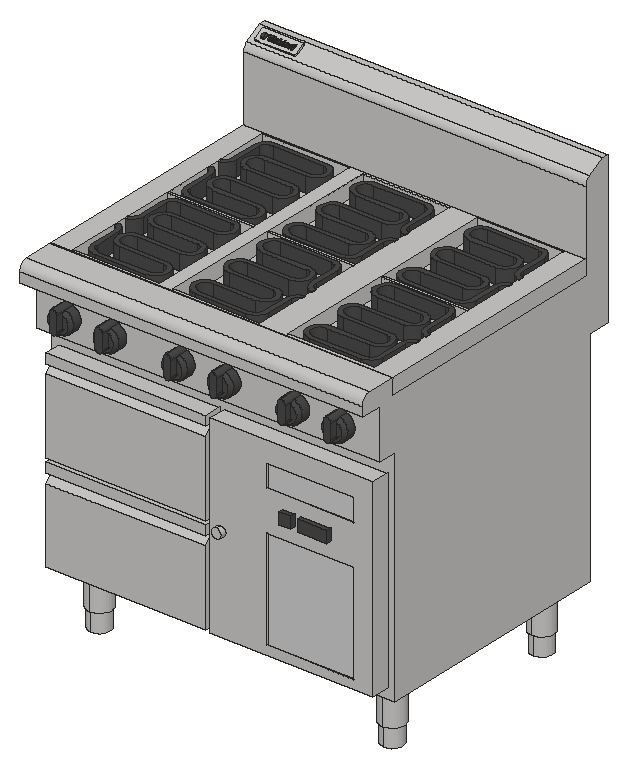
Revit family "QF_MOFFAT WALDORF_RN8600E-RB", category Specialty Equipment, Revit 2012 (continued)
Automatic sketch dimensions
  Split face 5 sketch curve to Split face 5 sketch curve = 20.0 mm
  Extrusion 1 to Split face 6 sketch curve = 5.177 mm
  Split face 6 sketch curve to Extrusion 1 = 9.153 mm
  Split face 6 sketch curve to Extrusion 1 = 404.563 mm
  Split face 6 sketch curve to Split face 6 sketch curve = 20.0 mm
  Extrusion 1 to Split face 7 sketch curve = 5.177 mm
  Split face 7 sketch curve to Extrusion 1 = 9.153 mm
  Split face 7 sketch curve to Extrusion 1 = 445.437 mm
  Split face 7 sketch curve to Split face 7 sketch curve = 20.0 mm
  Extrusion 1 to Split face 8 sketch curve = 5.177 mm
  Split face 8 sketch curve to Extrusion 1 = 9.153 mm
  Split face 8 sketch curve to Extrusion 1 = 395.437 mm
  Split face 8 sketch curve to Split face 8 sketch curve = 20.0 mm
  Extrusion 1 to Split face 9 sketch curve = 5.177 mm
  Split face 9 sketch curve to Extrusion 1 = 9.153 mm
  Split face 9 sketch curve to Extrusion 1 = 345.437 mm
  Split face 9 sketch curve to Split face 9 sketch curve = 20.0 mm
  Extrusion 1 to Split face 10 sketch curve = 5.177 mm
  Split face 10 sketch curve to Extrusion 1 = 9.153 mm
  Split face 10 sketch curve to Extrusion 1 = 295.437 mm
  Split face 10 sketch curve to Split face 10 sketch curve = 20.0 mm
  Extrusion 1 to Split face 11 sketch curve = 5.177 mm
  Split face 11 sketch curve to Extrusion 1 = 9.153 mm
  Split face 11 sketch curve to Extrusion 1 = 245.437 mm
  Split face 11 sketch curve to Split face 11 sketch curve = 20.0 mm
  Extrusion 1 to Split face 12 sketch curve = 5.177 mm
  Split face 12 sketch curve to Extrusion 1 = 9.153 mm
  Split face 12 sketch curve to Extrusion 1 = 195.437 mm
  Split face 12 sketch curve to Split face 12 sketch curve = 20.0 mm
  Extrusion 14 sketch curve to Extrusion 1 = 0.0 mm  (x2)
  Extrusion 1 to Extrusion 14 sketch curve = 0.0 mm
  Extrusion 14 sketch curve to Extrusion 1 = 6.75 mm  (x3)
  Extrusion 14 sketch curve to Extrusion 14 sketch curve = 306.95 mm
  Extrusion 1 to Extrusion 14 sketch curve = 54.0 mm  (x2)
  Extrusion 14 sketch curve to Extrusion 14 sketch curve = 0.0 mm  (x6)
  Extrusion 14 sketch curve to Extrusion 14 sketch curve = 7.6 mm  (x3)
  Extrusion 1 to Extrusion 14 sketch curve = 6.75 mm  (x3)
  Extrusion 1 to Extrusion 14 sketch curve = 1.0 mm
  Extrusion 14 sketch curve to Extrusion 14 sketch curve = 228.75 mm  (x3)
  Extrusion 14 sketch curve to Extrusion 14 sketch curve = 34.5 mm
  Extrusion 14 sketch curve to Extrusion 14 sketch curve = 71.25 mm  (x2)
  Extrusion 15 sketch curve to Extrusion 15 sketch curve = 0.0 mm  (x104)
  Extrusion 1 to Extrusion 15 sketch curve = 20.503 mm  (x3)
  Extrusion 15 sketch curve to Extrusion 15 sketch curve = 11.997 mm  (x6)
  Extrusion 15 sketch curve to Extrusion 15 sketch curve = 19.532 mm  (x6)
  Extrusion 15 sketch curve to Extrusion 15 sketch curve = 0.24 mm  (x6)
  Extrusion 15 sketch curve to Extrusion 15 sketch curve = 0.931 mm  (x10)
  Extrusion 15 sketch curve to Extrusion 15 sketch curve = 0.01 mm  (x6)
  Extrusion 15 sketch curve to Extrusion 15 sketch curve = 21.7 mm  (x30)
  Extrusion 15 sketch curve to Extrusion 15 sketch curve = 0.002 mm  (x6)
  Extrusion 15 sketch curve to Extrusion 15 sketch curve = 70.811 mm  (x6)
  Extrusion 15 sketch curve to Extrusion 15 sketch curve = 0.447 mm  (x6)
  Extrusion 15 sketch curve to Extrusion 15 sketch curve = 0.12 mm  (x6)
  Extrusion 15 sketch curve to Extrusion 15 sketch curve = 19.01 mm  (x6)
  Extrusion 15 sketch curve to Extrusion 15 sketch curve = 12.303 mm  (x6)
  Extrusion 15 sketch curve to Extrusion 15 sketch curve = 21.593 mm  (x6)
  Extrusion 15 sketch curve to Extrusion 15 sketch curve = 12.315 mm  (x6)
  Extrusion 15 sketch curve to Extrusion 15 sketch curve = 18.52 mm  (x6)
  Extrusion 15 sketch curve to Extrusion 15 sketch curve = 0.133 mm  (x6)
  Extrusion 15 sketch curve to Extrusion 15 sketch curve = 0.5 mm  (x2)
  Extrusion 15 sketch curve to Extrusion 15 sketch curve = 19.152 mm  (x4)
  Extrusion 15 sketch curve to Extrusion 15 sketch curve = 20.704 mm  (x8)
  Extrusion 15 sketch curve to Extrusion 15 sketch curve = 0.239 mm  (x6)
  Extrusion 15 sketch curve to Extrusion 15 sketch curve = 16.003 mm  (x3)
  Extrusion 1 to Extrusion 15 sketch curve = 48.333 mm  (x2)
  Extrusion 1 to Extrusion 15 sketch curve = 48.512 mm  (x2)
  Extrusion 15 sketch curve to Extrusion 15 sketch curve = 0.004 mm  (x2)
  Extrusion 15 sketch curve to Extrusion 15 sketch curve = 5.484 mm  (x2)
  Extrusion 15 sketch curve to Extrusion 15 sketch curve = 5.667 mm  (x2)
  Extrusion 15 sketch curve to Extrusion 15 sketch curve = 20.701 mm  (x4)
  Extrusion 15 sketch curve to Extrusion 15 sketch curve = 0.001 mm  (x6)
  Extrusion 15 sketch curve to Extrusion 15 sketch curve = 41.7 mm  (x2)
  Extrusion 15 sketch curve to Extrusion 15 sketch curve = 20.999 mm
  Extrusion 15 sketch curve to Extrusion 15 sketch curve = 112.6 mm  (x5)
  Extrusion 15 sketch curve to Extrusion 15 sketch curve = 130.8 mm  (x2)
  Extrusion 15 sketch curve to Extrusion 15 sketch curve = 19.862 mm  (x4)
  Extrusion 15 sketch curve to Extrusion 15 sketch curve = 0.032 mm  (x2)
  Extrusion 15 sketch curve to Extrusion 15 sketch curve = 19.894 mm  (x2)
  Extrusion 15 sketch curve to Extrusion 15 sketch curve = 0.226 mm  (x4)
  Extrusion 15 sketch curve to Extrusion 15 sketch curve = 0.258 mm  (x4)
  Extrusion 15 sketch curve to Extrusion 15 sketch curve = 0.879 mm  (x8)
  Extrusion 15 sketch curve to Extrusion 15 sketch curve = 14.293 mm
  Extrusion 15 sketch curve to Extrusion 15 sketch curve = 133.7 mm
  Extrusion 15 sketch curve to Extrusion 15 sketch curve = 133.693 mm  (x2)
  Revolve 16 sketch curve to plane 9 "Base Height" = 0.0 mm
  Revolve 16 sketch curve to level = 0.0 mm
  level to Revolve 16 sketch curve = 50.0 mm
  plane 1 "BACK" to Revolve 16 sketch curve = 166.75 mm
  Revolve 16 sketch curve to Revolve 16 sketch curve = 4.25 mm
  Revolve 16 sketch curve to Revolve 16 sketch curve = 27.5 mm  (x2)
  Revolve 16 sketch curve to Revolve 16 sketch curve = 55.0 mm
  Revolve 16 sketch curve to Revolve 16 sketch curve = 0.0 mm
  Revolve 17 sketch curve to plane 9 "Base Height" = 0.0 mm
  Revolve 17 sketch curve to level = 0.0 mm
  level to Revolve 17 sketch curve = 50.0 mm
  Revolve 17 sketch curve to plane 5 "FRONT" = 148.25 mm
  Revolve 17 sketch curve to Revolve 17 sketch curve = 4.25 mm
  Revolve 17 sketch curve to Revolve 17 sketch curve = 27.5 mm  (x2)
  Revolve 17 sketch curve to Revolve 17 sketch curve = 55.0 mm
  Revolve 17 sketch curve to Revolve 17 sketch curve = 0.0 mm
  Revolve 18 sketch curve to plane 9 "Base Height" = 0.0 mm
  Revolve 18 sketch curve to level = 0.0 mm
  level to Revolve 18 sketch curve = 50.0 mm
  plane 1 "BACK" to Revolve 18 sketch curve = 166.75 mm
  Revolve 18 sketch curve to Revolve 18 sketch curve = 4.25 mm
  Revolve 18 sketch curve to Revolve 18 sketch curve = 27.5 mm  (x2)
  Revolve 18 sketch curve to Revolve 18 sketch curve = 0.0 mm
  Revolve 18 sketch curve to Revolve 18 sketch curve = 55.0 mm
  Revolve 19 sketch curve to plane 9 "Base Height" = 0.0 mm
  Revolve 19 sketch curve to level = 0.0 mm
  level to Revolve 19 sketch curve = 50.0 mm
  Revolve 19 sketch curve to plane 5 "FRONT" = 148.25 mm
  Revolve 19 sketch curve to Revolve 19 sketch curve = 4.25 mm
  Revolve 19 sketch curve to Revolve 19 sketch curve = 27.5 mm  (x2)
  Revolve 19 sketch curve to Revolve 19 sketch curve = 0.0 mm
  Revolve 19 sketch curve to Revolve 19 sketch curve = 55.0 mm
  Extrusion 22 sketch curve to Extrusion 21 = 34.46 mm  (x2)
  Extrusion 22 sketch curve to Extrusion 22 sketch curve = 30.0 mm  (x2)
  Extrusion 22 sketch curve to Extrusion 22 sketch curve = 0.0 mm
  Extrusion 21 to Extrusion 22 sketch curve = 43.926 mm
  Extrusion 22 sketch curve to Extrusion 22 sketch curve = 17.577 mm
  Extrusion 21 to Extrusion 22 sketch curve = 60.185 mm
  Extrusion 21 to Extrusion 23 sketch curve = 39.229 mm
  Extrusion 23 sketch curve to Extrusion 21 = 27.856 mm
  Extrusion 24 sketch curve to Extrusion 21 = 0.0 mm  (x6)
  Extrusion 21 to Extrusion 24 sketch curve = 0.0 mm  (x2)
  Extrusion 1 to Extrusion 21 sketch curve = 54.5 mm
  Extrusion 1 to Extrusion 21 sketch curve = 107.0 mm
  Extrusion 21 sketch curve to Extrusion 21 sketch curve = 60.0 mm
  Extrusion 21 sketch curve to Extrusion 21 sketch curve = 104.0 mm
  Extrusion 1 to Extrusion 21 sketch curve = 49.0 mm
  Extrusion 1 to Extrusion 21 sketch curve = 26.5 mm
  Extrusion 1 to Extrusion 21 sketch curve = 447.0 mm
  Extrusion 21 sketch curve to Extrusion 21 sketch curve = 148.0 mm
  Extrusion 21 sketch curve to Extrusion 21 sketch curve = 0.0 mm
  Extrusion 1 to Extrusion 21 sketch curve = 69.0 mm  (x2)
  Extrusion 1 to Extrusion 21 sketch curve = 19.0 mm
  Extrusion 1 sketch curve to plane 5 "FRONT" = 0.0 mm
  Extrusion 1 sketch curve to plane 10 = 0.0 mm
  Extrusion 1 sketch curve to plane 9 "Base Height" = 0.0 mm
  Extrusion 1 sketch curve to plane 6 "TOP" = 0.0 mm
  plane 1 "BACK" to Extrusion 1 sketch curve = 59.0 mm
  Extrusion 1 sketch curve to plane 5 "FRONT" = 24.0 mm
  Extrusion 1 sketch curve to plane 5 "FRONT" = 56.0 mm
  Extrusion 1 sketch curve to Extrusion 1 sketch curve = 44.0 mm
  Extrusion 1 sketch curve to Extrusion 1 sketch curve = 50.0 mm
  Extrusion 1 sketch curve to Extrusion 1 sketch curve = 11.0 mm
  Extrusion 1 sketch curve to Extrusion 1 sketch curve = 11.291 mm
  Extrusion 1 sketch curve to Extrusion 1 sketch curve = 22.582 mm
  Extrusion 1 sketch curve to Extrusion 1 sketch curve = 16.5 mm
  Extrusion 1 sketch curve to plane 1 "BACK" = 0.0 mm
  Extrusion 1 sketch curve to Extrusion 1 sketch curve = 156.0 mm
  Extrusion 1 sketch curve to Extrusion 1 sketch curve = 25.0 mm
  Extrusion 1 sketch curve to plane 10 = 40.0 mm
  Extrusion 1 sketch curve to plane 6 "TOP" = 43.926 mm
  Extrusion 1 sketch curve to Extrusion 1 sketch curve = 131.0 mm
  Extrusion 20 sketch curve to Extrusion 1 = 20.313 mm
  Extrusion 20 sketch curve to Extrusion 1 = 143.724 mm
  radius of Extrusion 23 sketch curve = 12.395 mm
  radius of Extrusion 20 sketch curve = 10.0 mm
Nested families
  nested 1: "RN8600E-RB-CASTERS" at (65, -135, 0), Show Casters <- "Show Casters", visible <- "Show Casters", type "RN8600E-RB-CASTERS"
    with Type Mark "", Status "", Specification by User "", Show Casters no, Revision Code "", Item Number "", Installed By "", Identify Quantity as Lot yes, Furnished By "", Foodservice Equipment Identifier yes
  nested 2: "RN8600E-RB-CASTERS" at (835, -135, 0), Show Casters <- "Show Casters", visible <- "Show Casters", type "RN8600E-RB-CASTERS"
    with Type Mark "", Status "", Specification by User "", Show Casters no, Revision Code "", Item Number "", Installed By "", Identify Quantity as Lot yes, Furnished By "", Foodservice Equipment Identifier yes
  nested 3: "RN8600E-RB-DOOR AND DRAWER" at (19, -699, 176.5), Show Door <- "Show Door", Show Drawer <- "Drawer", Drawer Clearance <- "Drawer Clearance", Door Clearance <- "Door Clearance", type "RN8600E-RB-DOOR AND DRAWER"
    with Type Mark "", Status "", Specification by User "", Show Drawer yes, Show Door no, Revision Code "", Item Number "", Installed By "", Identify Quantity as Lot yes, Furnished By "", Foodservice Equipment Identifier yes, Drawer Clearance yes, Door Clearance no
  nested 4: "WALDORF LOGO_FACE BASE" at (12.521, -22.281, 1126.662) x (1, 0, 0) z (0, -0.5, 0.866), visible <- "Show Logo", type "WALDORF LOGO_FACE BASE", detail levels medium+fine
    with Show Logo yes
Connectors
  electrical at (756.276, -38.687, 710), driven by "Volts", driven by "Watts"
    settings: on Extrusion 20, index 1, voltage 415 V, apparent load 14400 VA, apparent load phase1 0 VA, apparent load phase2 0 VA, apparent load phase3 0 VA, power factor 1, load classification "Other", number of poles 1, system type 30, power factor state 1, is connector primary yes, connector utility no, sub classification motor no, connector description "ELECTRICAL CONNECTION"
Definition of nested family "RN8600E-RB-DOOR AND DRAWER"
  Parameters (values of type "GP8900G-RB-DOOR AND DRAWER")
    Weight in Pounds = 0
    URL Cutsheet = ""
    URL = ""
    Type Mark [instance] = ""
    Status [instance] = ""
    Specification by User [instance] = ""
    Specification by Manufacturer = ""
    Show Door [instance] = yes
    Serial Number = ""
    Seismic Rating = ""
    SMACNA No = ""
    Revision Code [instance] = ""
    Omniclass Number and Title = ""
    NAFEM Spec ID Number = ""
    Model = ""
    Masterspec = ""
    Manufacturer = ""
    Item Number [instance] = ""
    Installed By [instance] = ""
    Identify Quantity as Lot [instance] = yes
    Furnished By [instance] = ""
    Foodservice Equipment Identifier [instance] = yes
    Show Drawer [instance] = yes
    Drawer Clearance [instance] = yes
    Door Clearance [instance] = yes
    Description = ""
    CSI MasterFormat = ""
    CSI Master Format = ""
  Reference planes
    plane 1 "BACK": y = 0
    plane 2: z = 0
    plane 3 "LEFT": x = 0
    plane 4 "RIGHT": x = 420
    plane 5 "FRONT": y = -464.82
    plane 6 "TOP": z = 504
    plane 7 "Center Y": x = 210
    plane 8 "Center X": y = -232.41
    plane 9: x = 420
  Forms (mm)
    Extrusion 1, solid, material "QF_Finishes_Stainless Steel", visible <- "Show Drawer"
      sketch origin (-19, 702.18, -174) x (0, 1, 0) y (0, 0, 1)
        loop
          line (-747, 678) -> (-747, 653) -> (-722, 653) -> (-747, 628) -> (-747, 431) -> (-702.18, 431) -> (-702.18, 678) -> (-747, 678)
        loop
          line (-747, 421) -> (-747, 396) -> (-722, 396) -> (-747, 371) -> (-747, 174) -> (-702.18, 174) -> (-702.18, 421) -> (-747, 421)
      from 19 to 439
    Extrusion 2, solid, material "QF_Door-Drawer Clearances", visible <- "Drawer Clearance", detail levels coarse
      sketch origin (-19, -44.82, 257) x (0, 0, 1) y (-1, 0, 0)
        loop
          line (-257, -19) -> (-257, -439) -> (-10, -439) -> (-10, -19) -> (-257, -19)
        loop
          line (0, -19) -> (0, -439) -> (247, -439) -> (247, -19) -> (0, -19)
      from 0 to 304.8
    Extrusion 3, solid, material "QF_Finishes_Stainless Steel", visible <- "Show Door"
      sketch origin (-19, 702.18, -174) x (0, 1, 0) y (0, 0, 1)
        loop
          line (-748.15, 675.55) -> (-748.15, 658) -> (-723.95, 658) -> (-723.95, 648.15)
          arc (-723.95, 648.15) -> (-740.921, 641.121) -> (-747.95, 624.15) r 24
          line (-747.95, 624.15) -> (-747.95, 198)
          arc (-747.95, 198) -> (-740.921, 181.029) -> (-723.95, 174) r 24
          line (-723.95, 174) -> (-705.2, 174) -> (-705.2, 678) -> (-745.7, 678)
          arc (-745.7, 678) -> (-747.432, 677.282) -> (-748.15, 675.55) r 2.45
      from 19 to 439
    Extrusion 4, solid, material "QF_Door-Drawer Clearances", visible <- "Door Clearance", detail levels coarse
      sketch origin (-19, -8.47, 0) x (-1, 0, 0) y (0, 1, 0)
        loop
          line (-19, -36.35) -> (-439, -36.35)
          arc (-439, -36.35) -> (-315.985, -333.335) -> (-19, -456.35) r 420
          line (-19, -456.35) -> (-19, -36.35)
      from 0 to -504
  Lines and regions (mm)
    symbolic lines, style "QF_Door-Drawer Clearances", visible <- "Drawer Clearance"
      curve 1: line (0, -102.82, 150) -> (0, -349.62, 150)
      curve 2: line (420, -349.62, 150) -> (420, -104.62, 150)
      curve 5: line (0, -349.62, 0) -> (420, -349.62, 0)
    symbolic lines, style "QF_Door-Drawer Clearances", visible <- "Door Clearance"
      curve 3: line (58, -102.82, 150) -> (296.985, -341.805, 150)
      curve 4: arc (416.229, -100.977, 150) -> (376.388, -231.185, 150) -> (296.985, -341.805, 150) r 420
  Dimensions and locks
    equal spacing: plane 3 "LEFT", plane 7 "Center Y", plane 4 "RIGHT"
    plane 3 "LEFT" to plane 4 "RIGHT" = 420.0 mm
    equal spacing: plane 5 "FRONT", plane 8 "Center X", plane 1 "BACK"
    plane 5 "FRONT" to plane 1 "BACK" = 464.82 mm
    plane 6 "TOP" to level = 504.0 mm
    aligned and locked: level to plane 2
  Automatic sketch dimensions
    curve 4 to plane 3 "LEFT" = 0.0 mm
    curve 1 to plane 3 "LEFT" = 0.0 mm
    plane 4 "RIGHT" to curve 4 = 3.771 mm
    plane 7 "Center Y" to curve 3 = 86.985 mm
    curve 3 to curve 1 = 58.0 mm
    plane 1 "BACK" to curve 4 = 44.82 mm
    plane 1 "BACK" to curve 4 = 100.977 mm
    curve 4 to curve 3 = 58.0 mm
    curve 1 to curve 3 = 0.0 mm
    curve 4 to curve 2 = 3.643 mm
    Extrusion 1 sketch curve to level = 0.0 mm
    Extrusion 1 sketch curve to plane 1 "BACK" = 0.0 mm  (x2)
    plane 1 "BACK" to Extrusion 1 sketch curve = 19.82 mm  (x2)
    Extrusion 1 sketch curve to Extrusion 1 sketch curve = 25.0 mm  (x6)
    Extrusion 1 sketch curve to Extrusion 1 sketch curve = 0.0 mm
    Extrusion 1 sketch curve to Extrusion 1 sketch curve = 44.82 mm
    level to Extrusion 1 sketch curve = 197.0 mm
    Extrusion 1 sketch curve to Extrusion 1 sketch curve = 10.0 mm
    Extrusion 1 sketch curve to Extrusion 1 sketch curve = 197.0 mm
    Extrusion 1 to Extrusion 2 sketch curve = 0.0 mm  (x4)
    Extrusion 2 sketch curve to Extrusion 1 = 0.0 mm
    Extrusion 1 to Extrusion 2 sketch curve = 222.0 mm
    Extrusion 2 sketch curve to Extrusion 2 sketch curve = 10.0 mm
    Extrusion 2 sketch curve to Extrusion 2 sketch curve = 247.0 mm
    Extrusion 3 sketch curve to level = 0.0 mm
    plane 1 "BACK" to Extrusion 3 sketch curve = 45.97 mm
    Extrusion 3 sketch curve to Extrusion 3 sketch curve = 0.2 mm
    Extrusion 3 sketch curve to Extrusion 3 sketch curve = 2.45 mm
    plane 1 "BACK" to Extrusion 3 sketch curve = 21.77 mm  (x2)
    plane 1 "BACK" to Extrusion 3 sketch curve = 3.02 mm
    Extrusion 3 sketch curve to Extrusion 3 sketch curve = 426.15 mm
    Extrusion 3 sketch curve to Extrusion 3 sketch curve = 9.85 mm
    Extrusion 3 sketch curve to Extrusion 3 sketch curve = 17.55 mm
    Extrusion 4 sketch curve to Extrusion 3 = 0.0 mm  (x2)
    Extrusion 3 to Extrusion 4 sketch curve = 23.05 mm
    curve 2 to plane 4 "RIGHT" = 0.0 mm
    curve 1 to plane 5 "FRONT" = 115.2 mm
    curve 2 to plane 5 "FRONT" = 115.2 mm
Definition of nested family "WALDORF LOGO_FACE BASE"
  Parameters (values of type "WALDORF LOGO_FACE BASE")
    Show Logo [instance] = yes
    Default Elevation = 1219.2 mm
  Reference planes
    plane 1 "Center (Front/Back)": y = 0
    plane 2: z = 0
    plane 3 "Center (Left/Right)": x = 0
  Forms (mm)
    Extrusion 1, solid
      sketch origin (0, 0, 0) x (1, 0, 0) y (0, 1, 0)
        loop
          line (-1219.2, 1219.2) -> (-1219.2, -1219.2) -> (1219.2, -1219.2) -> (1219.2, 1219.2) -> (-1219.2, 1219.2)
      from 0 to -304.8
    Extrusion 2, solid, material "QF_Finishes_Stainless Steel", visible <- "Show Logo"
      sketch origin (0, -33.217, 0) x (1, 0, 0) y (0, 1, 0)
        loop
          arc (5, 34.14) -> (1.464, 32.676) -> (0, 29.14) r 5
          line (0, 29.14) -> (0, 5)
          arc (0, 5) -> (1.464, 1.464) -> (5, 0) r 5
          line (5, 0) -> (104, 0)
          arc (104, 0) -> (107.536, 1.464) -> (109, 5) r 5
          line (109, 5) -> (109, 29.14)
          arc (109, 29.14) -> (107.536, 32.676) -> (104, 34.14) r 5
          line (104, 34.14) -> (5, 34.14)
      from 0 to 1.588
    Extrusion 3, solid, material "QF_Finishes_Black", visible <- "Show Logo"
      sketch origin (0, -33.217, 1.588) x (1, 0, 0) y (0, 1, 0)
        loop
          line (24.772, 23.214) -> (27.992, 10.301) -> (31.551, 10.301) -> (33.443, 17.364) -> (35.205, 10.301) -> (39.332, 10.301) -> (42.077, 23.214) -> (38.352, 23.214) -> (36.676, 15.33) -> (35, 23.214) -> (31.752, 23.214) -> (30.076, 15.33) -> (28.4, 23.214) -> (24.772, 23.214)
        loop
          line (42.272, 17.055) -> (45.703, 17.055)
          spline (45.703, 17.055) -> (45.741, 17.285) -> (45.852, 17.499) -> (46.028, 17.682) -> (46.258, 17.823) -> (46.526, 17.912) -> (46.813, 17.942) -> (47.1, 17.912) -> (47.368, 17.823) -> (47.597, 17.682) -> (47.774, 17.499) -> (47.884, 17.285) -> (47.922, 17.055)
          line (47.922, 17.055) -> (47.922, 16.222)
          arc (47.922, 16.222) -> (45.742, 16.014) -> (43.665, 15.317) r 9.604
          arc (43.665, 15.317) -> (41.924, 12.809) -> (43.665, 10.301) r 2.677
          arc (43.665, 10.301) -> (45.527, 10.353) -> (47.332, 10.816) r 8.365
          line (47.332, 10.816) -> (48.092, 11.105) -> (48.092, 10.301) -> (51.817, 10.301) -> (51.817, 17.055)
          spline (51.817, 17.055) -> (51.654, 17.821) -> (51.178, 18.535) -> (50.419, 19.148) -> (49.431, 19.619) -> (48.28, 19.914) -> (47.044, 20.015) -> (45.809, 19.914) -> (44.658, 19.619) -> (43.67, 19.148) -> (42.911, 18.535) -> (42.434, 17.821) -> (42.272, 17.055)
        loop
          line (53.151, 23.214) -> (53.151, 10.301) -> (57.37, 10.301) -> (57.37, 23.214) -> (53.151, 23.214)
        loop
          line (64.874, 23.214) -> (64.874, 18.857)
          arc (64.874, 18.857) -> (58.083, 15.11) -> (64.874, 11.363) r 4.429
          line (64.874, 11.363) -> (64.874, 10.301) -> (68.378, 10.301) -> (68.378, 23.214) -> (64.874, 23.214)
        loop
          arc (64.874, 16.083) -> (61.41, 14.987) -> (64.874, 13.891) r 1.905
          line (64.874, 13.891) -> (64.874, 16.083)
        loop
          circle (74.623, 15.223) r 5
        loop
          spline (74.623, 17.856) -> (74.355, 17.766) -> (74.105, 17.503) -> (73.891, 17.084) -> (73.726, 16.539) -> (73.623, 15.904) -> (73.588, 15.223) -> (73.623, 14.541) -> (73.726, 13.906) -> (73.891, 13.361) -> (74.105, 12.942) -> (74.355, 12.679) -> (74.623, 12.59)
          spline (74.623, 12.59) -> (74.891, 12.679) -> (75.141, 12.942) -> (75.355, 13.361) -> (75.52, 13.906) -> (75.623, 14.541) -> (75.659, 15.223) -> (75.623, 15.904) -> (75.52, 16.539) -> (75.355, 17.084) -> (75.141, 17.503) -> (74.891, 17.766) -> (74.623, 17.856)
        loop
          line (81.255, 19.813) -> (81.255, 10.301) -> (84.834, 10.301) -> (84.834, 14.176)
          arc (84.834, 14.176) -> (85.854, 16.093) -> (88.013, 16.32) r 2.313
          line (88.013, 16.32) -> (88.013, 19.813) -> (87.161, 19.813)
          arc (87.161, 19.813) -> (85.526, 19.266) -> (84.549, 17.844) r 2.717
          line (84.549, 17.844) -> (84.549, 19.813) -> (81.255, 19.813)
        loop
          line (90.249, 19.813) -> (88.91, 19.813) -> (88.91, 17.614) -> (90.249, 17.614) -> (90.249, 10.301) -> (93.998, 10.301) -> (93.998, 17.614) -> (95.418, 17.614) -> (95.418, 19.813) -> (93.998, 19.813)
          arc (93.998, 19.813) -> (94.414, 20.817) -> (95.418, 21.233) r 1.42
          line (95.418, 21.233) -> (95.418, 23.602) -> (93.317, 23.602)
          arc (93.317, 23.602) -> (91.343, 22.903) -> (90.249, 21.118) r 3.137
          line (90.249, 21.118) -> (90.249, 19.813)
        loop
          arc (15.241, 23.571) -> (8.392, 16.525) -> (15.241, 9.479) r 7.049
          line (15.241, 9.479) -> (15.241, 23.571)
        loop
          line (15.641, 23.571) -> (15.641, 9.479)
          arc (15.641, 9.479) -> (22.49, 16.525) -> (15.641, 23.571) r 7.049
        loop
          arc (47.922, 14.711) -> (46.266, 13.749) -> (47.922, 12.787) r 1.107
          line (47.922, 12.787) -> (47.922, 14.711)
      from 0 to 0.2
  Dimensions and locks
    aligned and locked: plane 2 to Extrusion 1
    aligned and locked: level to Extrusion 1
Definition of nested family "RN8600E-RB-CASTERS"
  Parameters (values of type "BTL8450-CB-CASTERS")
    Weight = ""
    URL Manufacturer = ""
    URL Cutsheet = ""
    URL = ""
    Type Mark [instance] = ""
    Status [instance] = ""
    Specification by User [instance] = ""
    Specification by Manufacturer = ""
    Show Casters [instance] = no
    Serial Number = ""
    Seismic Rating = ""
    SMACNA No = ""
    Revision Code [instance] = ""
    Omniclass Number and Title = ""
    NAFEM Spec ID Number = ""
    Model = ""
    MasterSpec. = ""
    Manufacturer = ""
    Item Number [instance] = ""
    Installed By [instance] = ""
    Identify Quantity as Lot [instance] = yes
    Furnished By [instance] = ""
    Foodservice Equipment Identifier [instance] = yes
    Description = ""
    CSI MasterFormat = ""
    CSI Master Format = ""
    Assembly Code = ""
  Reference planes
    plane 1: z = 0
    plane 2 "RIGHT": x = 0
    plane 3 "FRONT": y = 0
    plane 4 "TOP": z = 177.8
  Forms (mm)
    Revolve 1, solid, material "QF_Finishes_Stainless Steel", visible <- "Show Casters"
      sketch origin (0, 56.335, 0) x (0, 1, 0) y (0, 0, 1)
        loop
          line (-56.335, 152.4) -> (-56.335, 141.118) -> (-23.798, 141.118) -> (-23.798, 152.4) -> (-56.335, 152.4)
        axis (-56.335, 141.118) -> (-56.335, 152.4)
      angle from 0 to 360
    Extrusion 2, solid, material "QF_Finishes_Stainless Steel", visible <- "Show Casters"
      sketch origin (-46.049, 56.335, 0) x (0, 1, 0) y (0, 0, 1)
        loop
          line (-85.799, 141.118) -> (-85.799, 133.498) -> (-82.136, 133.498)
          arc (-82.136, 133.498) -> (-79.344, 132.328) -> (-77.146, 130.248) r 8.432
          line (-77.146, 130.248) -> (-39.502, 49.52)
          arc (-39.502, 49.52) -> (-13.784, 46.107) -> (-5.673, 70.75) r 20.32
          arc (-5.673, 70.75) -> (-7.065, 73.611) -> (-8.887, 76.22) r 20.32
          arc (-8.887, 76.22) -> (-9.399, 85.377) -> (-6.626, 94.119) r 25.4
          line (-6.626, 94.119) -> (8.003, 121.632)
          arc (8.003, 121.632) -> (-2.347, 126.31) -> (-13.34, 129.167) r 66.802
          line (-13.34, 129.167) -> (-13.765, 133.498) -> (-26.871, 133.498) -> (-26.871, 141.118) -> (-85.799, 141.118)
      from 20.058 to 22.923
    Extrusion 3, solid, material "QF_Finishes_Stainless Steel", visible <- "Show Casters"
      sketch origin (3.326, 56.335, 0) x (0, 1, 0) y (0, 0, 1)
        loop
          line (-85.799, 141.118) -> (-85.799, 133.498) -> (-82.136, 133.498)
          arc (-82.136, 133.498) -> (-79.344, 132.328) -> (-77.146, 130.248) r 8.432
          line (-77.146, 130.248) -> (-39.502, 49.52)
          arc (-39.502, 49.52) -> (-13.784, 46.107) -> (-5.673, 70.75) r 20.32
          arc (-5.673, 70.75) -> (-7.065, 73.611) -> (-8.887, 76.22) r 20.32
          arc (-8.887, 76.22) -> (-9.399, 85.377) -> (-6.626, 94.119) r 25.4
          line (-6.626, 94.119) -> (8.003, 121.632)
          arc (8.003, 121.632) -> (-2.347, 126.31) -> (-13.34, 129.167) r 66.802
          line (-13.34, 129.167) -> (-13.765, 133.498) -> (-26.871, 133.498) -> (-26.871, 141.118) -> (-85.799, 141.118)
      from 20.058 to 22.923
    Extrusion 4, solid, material "QF_Finishes_Stainless Steel", visible <- "Show Casters"
      sketch origin (-49.224, 56.335, 0) x (0, 1, 0) y (0, 0, 1)
        loop
          line (-85.799, 141.118) -> (-85.799, 133.498) -> (-82.136, 133.498) -> (-18.877, 127.964) -> (7.14, 120.01) -> (8.003, 121.632)
          arc (8.003, 121.632) -> (-2.347, 126.31) -> (-13.34, 129.167) r 66.802
          line (-13.34, 129.167) -> (-13.765, 133.498) -> (-26.871, 133.498) -> (-26.871, 141.118) -> (-85.799, 141.118)
      from 26.098 to 72.56
    Revolve 5, solid, material "QF_Finishes_Stainless Steel", visible <- "Show Casters"
      sketch origin (-49.224, 30.821, 0) x (1, 0, 0) y (0, 0, 1)
        loop
          line (14.841, 63.604) -> (83.584, 63.604) -> (83.584, 67.109) -> (82.314, 68.379) -> (80.79, 68.379) -> (80.79, 71.826) -> (68.644, 71.826) -> (68.644, 81.79) -> (65.088, 83.843) -> (61.683, 104.879) -> (65.881, 104.879) -> (65.881, 111.229) -> (65.088, 111.229) -> (65.088, 117.579)
          arc (65.088, 117.579) -> (62.298, 124.314) -> (55.563, 127.104) r 9.525
          line (55.563, 127.104) -> (42.863, 127.104)
          arc (42.863, 127.104) -> (36.127, 124.314) -> (33.338, 117.579) r 9.525
          line (33.338, 117.579) -> (33.338, 111.229) -> (32.544, 111.229) -> (32.544, 104.879) -> (36.742, 104.879) -> (33.352, 83.932) -> (29.782, 81.871) -> (29.782, 71.826) -> (17.635, 71.826) -> (17.635, 68.379) -> (16.111, 68.379) -> (14.841, 67.109) -> (14.841, 63.604)
        axis (14.841, 63.604) -> (83.584, 63.604)
      angle from 0 to 360
  Cuts and joins
    joined: Extrusion 2, Extrusion 3, Extrusion 4
  Lines and regions (mm)
    symbolic lines, style "SpecialityEquipmentHiddenLines", visible <- "Show Casters"
      curve 1: line (18.009, 67.053, 0) -> (45.595, 51.127, 0)
      curve 2: line (-45.491, -42.932, 0) -> (18.009, 67.053, 0)
      curve 3: line (-17.905, -58.859, 0) -> (-45.491, -42.932, 0)
      curve 4: line (45.595, 51.127, 0) -> (-17.905, -58.859, 0)
  Dimensions and locks
    plane 4 "TOP" to level = 177.8 mm  (x2)
    Revolve 5 sketch curve to Revolve 5 sketch curve = 63.5 mm
    aligned and locked: level to plane 1
